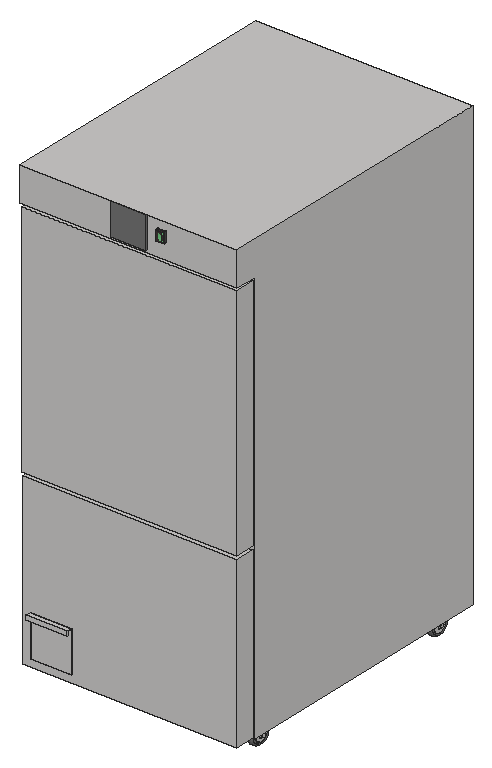
Revit family "RVT_MACOM_UCC-4 08 23 B", category Specialty Equipment, Revit 2020
Family settings
  Round Connector Dimension = Use Diameter
  Part Type = Normal
  Work Plane-Based = No
  Always vertical = Yes
  Cut with Voids When Loaded = No
  Shared = No
  Room Calculation Point = No
Parameters (values of type "UCC-4")
  Work Temperature = "From 0°C to -30°C"
  Weight = 300.00 kg
  Watts [instance] = 2860 W
  Volume = 1.46 m³
  Volts [instance] = 220 V
  URL = "https://www.acosmacom.com.br/"
  Model = "UCC-4"
  Manufacturer = "MACOM"
  Default Elevation = 0 mm
  Description = "ULTRACONGELADOR PARA CANECAS MACOM COM 1 PORTA INOX, 4 GAVETAS MLL (500X500X100), RODIZIOS Ø3 - 220V MONOF-790X1010X1715"
  Type Comments = ""
  Solid Fuel Type [instance] = ""
  Show Logo [instance] = yes
  Show Clearances [instance] = yes
  Refrigeration Suction Line Size [instance] = 0 mm
  Refrigeration Liquid Line Size [instance] = 0 mm
  Refrigeration Evaporation Temperature [instance] = 0 °C
  Refrigeration Energy Efficiency Index [instance] = ""
  Refrigeration Defrost Drain [instance] = yes
  Refrigeration Climate Class [instance] = "5"
  Refrigerant Type [instance] = "R404a"
  Refrigerant Mass [instance] = 0
  Refrigerant Flow [instance] = 0.0 L/s
  Refrigerant Compressor Remote [instance] = yes
  Potential Equalisation [instance] = yes
  Phase [instance] = 2
  Operational Current [instance] = 12.9 A
  Masterspec [instance] = ""
  Length Actual = 790 mm
  Ingress Protection Code [instance] = "IP 22"
  Identify Quantity as Lot [instance] = yes
  Height Actual = 1730 mm
  Gas Connection Height [instance] = 0 mm
  Fuel Type [instance] = ""
  Foodservice Equipment Identifier [instance] = yes
  Elec Conn Connection Height [instance] = 181 mm
  Depth Actual = 1070 mm
  Cycle [instance] = 60 Hz
  Conn Plug [instance] = ""
  Capacity = 275.0 L
  CSI MasterFormat [instance] = ""
  CE Approved [instance] = yes
  BTUH [instance] = 0 W
  Accessory [instance] = yes
Reference planes
  plane 1 "Centro (Frontal/Traseira)": y = 0
  plane 2: z = 0
  plane 3 "Centro (Esquerda/Direita)": x = 0
  plane 4: y = -1070
  plane 5: z = 1730
  plane 6: z = 100
  plane 7: x = 790
Forms (mm)
  Extrusion 1, solid, material "QF_Metal_Stainless Steel"
    sketch origin (0, 0, 0) x (0, 1, 0) y (0, 0, 1)
      loop
        line (0, 100) -> (0, 1730) -> (-1070, 1730) -> (-1070, 1604) -> (-991, 1604) -> (-991, 100) -> (0, 100)
    from 0 to 790
  Extrusion 2, solid, material "QF_Metal_Stainless Steel"
    sketch origin (0, -991, 1604) x (0, 0, -1) y (1, 0, 0)
      loop
        line (889.9, 5) -> (1504, 5) -> (1504, 785) -> (889.9, 785) -> (889.9, 5)
    from 0 to 75.15
  Extrusion 3, solid, material "QF_Metal_Stainless Steel"
    sketch origin (0, -991, 1604) x (0, 0, -1) y (1, 0, 0)
      loop
        line (11.05, 5) -> (876.1, 5) -> (876.1, 785) -> (11.05, 785) -> (11.05, 5)
    from 0 to 76.4
  Extrusion 4, solid, material "QF_Plastic-Dark Gray"
    sketch origin (0, -1070, 1730) x (0, 0, -1) y (1, 0, 0)
      loop
        line (3.25, 330) -> (118.375, 330) -> (118.375, 460) -> (3.25, 460) -> (3.25, 330)
    from 0 to 2
  Extrusion 5, solid, material "QF_Metal_Stainless Steel"
    sketch origin (0, 0, 100) x (0, 0, 1) y (1, 0, 0)
      loop
        circle (81, 25) r 9.525
    from 0 to 6.35
  Extrusion 6, void
    sketch origin (0, -1066.15, 1604) x (0, 0, 1) y (1, 0, 0)
      loop
        line (-1474, 35) -> (-1324, 35) -> (-1324, 185) -> (-1474, 185) -> (-1474, 35)
    from 0 to 5
  Extrusion 7, solid, material "QF_Metal_Stainless Steel"
    sketch origin (0, -1061.15, 1604) x (0, 0, -1) y (1, 0, 0)
      loop
        line (1324, 35) -> (1474, 35) -> (1474, 185) -> (1324, 185) -> (1324, 35)
    from 0 to 6
  Extrusion 8, solid, material "QF_Metal_Stainless Steel"
    sketch origin (185, -1061.15, 280) x (0, 0, -1) y (0, 1, 0)
      loop
        line (0, -6) -> (0, -26) -> (15, -26) -> (15, -24.5) -> (1.5, -24.5) -> (1.5, -6) -> (0, -6)
    from 0 to -150
  Extrusion 9, solid, material "QF_Finishes_Clearance_Door_Drawer", detail levels coarse
    sketch origin (0, -1067.15, 1604) x (0, 0, -1) y (1, 0, 0)
      loop
        line (1474, 185) -> (1324, 185) -> (1324, 35) -> (1474, 35) -> (1474, 185)
    from 0 to 460.6
  Extrusion 10, solid, material "QF_Finishes_Clearance_Wall", detail levels coarse
    sketch origin (0, 0, 1730) x (0, -1, 0) y (1, 0, 0)
      loop
        line (0, 790) -> (-100, 790) -> (-100, 0) -> (0, 0) -> (0, 790)
    from 0 to -1730
  Extrusion 11, solid, material "QF_Finishes_Clearance_Door_Drawer", detail levels coarse
    sketch origin (5, -991, 1592.95) x (1, 0, 0) y (0, 1, 0)
      loop
        line (780, -76.4) -> (0, -76.4) -> (0, -856.4)
        arc (0, -856.4) -> (551.543, -627.943) -> (780, -76.4) r 780
    from 0 to -865.05
Cuts and joins
  Extrusion 6 cuts Extrusion 2
Lines and regions (mm)
  model lines
    curve 1: line (790, -991, 1604) -> (790, 0, 1604)
    curve 2: line (790, -991, 681) -> (790, 0, 681)
    curve 3: line (790, 0, 681) -> (0, 0, 681)
    curve 4: line (790, 0, 1619) -> (0, 0, 1619)
    curve 5: line (0, 0, 1604) -> (0, -980, 1604)
    curve 6: line (0, 0, 681) -> (0, -991, 681)
    curve 7: line (210, -1066.15, 170) -> (210, -1066.15, 130)
    curve 8: line (755, -1066.15, 170) -> (210, -1066.15, 170)
    curve 9: line (755, -1066.15, 130) -> (755, -1066.15, 170)
    curve 10: line (210, -1066.15, 130) -> (755, -1066.15, 130)
    curve 11: line (210, -1066.15, 224) -> (210, -1066.15, 184)
    curve 12: line (755, -1066.15, 224) -> (210, -1066.15, 224)
    curve 13: line (755, -1066.15, 184) -> (755, -1066.15, 224)
    curve 14: line (210, -1066.15, 184) -> (755, -1066.15, 184)
    curve 15: line (210, -1066.15, 278) -> (210, -1066.15, 238)
    curve 16: line (755, -1066.15, 278) -> (210, -1066.15, 278)
    curve 17: line (755, -1066.15, 238) -> (755, -1066.15, 278)
    curve 18: line (210, -1066.15, 238) -> (755, -1066.15, 238)
    curve 19: line (35, -1066.15, 332) -> (35, -1066.15, 292)
    curve 20: line (755, -1066.15, 332) -> (35, -1066.15, 332)
    curve 21: line (755, -1066.15, 292) -> (755, -1066.15, 332)
    curve 22: line (35, -1066.15, 292) -> (755, -1066.15, 292)
    curve 23: line (35, -1066.15, 386) -> (35, -1066.15, 346)
    curve 24: line (755, -1066.15, 386) -> (35, -1066.15, 386)
    curve 25: line (755, -1066.15, 346) -> (755, -1066.15, 386)
    curve 26: line (35, -1066.15, 346) -> (755, -1066.15, 346)
    curve 27: line (35, -1066.15, 440) -> (35, -1066.15, 400)
    curve 28: line (755, -1066.15, 440) -> (35, -1066.15, 440)
    curve 29: line (755, -1066.15, 400) -> (755, -1066.15, 440)
    curve 30: line (35, -1066.15, 400) -> (755, -1066.15, 400)
    curve 31: line (35, -1066.15, 494) -> (35, -1066.15, 454)
    curve 32: line (755, -1066.15, 494) -> (35, -1066.15, 494)
    curve 33: line (755, -1066.15, 454) -> (755, -1066.15, 494)
    curve 34: line (35, -1066.15, 454) -> (755, -1066.15, 454)
    curve 35: line (35, -1066.15, 548) -> (35, -1066.15, 508)
    curve 36: line (755, -1066.15, 548) -> (35, -1066.15, 548)
    curve 37: line (755, -1066.15, 508) -> (755, -1066.15, 548)
    curve 38: line (35, -1066.15, 508) -> (755, -1066.15, 508)
    curve 39: line (35, -1066.15, 602) -> (35, -1066.15, 562)
    curve 40: line (755, -1066.15, 602) -> (35, -1066.15, 602)
    curve 41: line (755, -1066.15, 562) -> (755, -1066.15, 602)
    curve 42: line (35, -1066.15, 562) -> (755, -1066.15, 562)
    curve 43: line (35, -1066.15, 656) -> (35, -1066.15, 616)
    curve 44: line (755, -1066.15, 656) -> (35, -1066.15, 656)
    curve 45: line (755, -1066.15, 616) -> (755, -1066.15, 656)
    curve 46: line (35, -1066.15, 616) -> (755, -1066.15, 616)
  symbolic lines
    curve 47: line (0, 0, 0) -> (790, 0, 0)
    curve 48: line (0, -1070, 0) -> (0, 0, 0)
    curve 49: line (790, -1070, 0) -> (0, -1070, 0)
    curve 50: line (790, 0, 0) -> (790, -1070, 0)
    curve 51: line (15.475, 6.35, 0) -> (15.475, 0, 0)
    curve 52: line (15.475, 6.35, 0) -> (34.525, 6.35, 0)
    curve 53: line (34.525, 6.35, 0) -> (34.525, 0, 0)
Dimensions and locks
  "Depth Actual": plane 1 "Centro (Frontal/Traseira)" to plane 4
  "Length Actual": plane 7 to plane 3 "Centro (Esquerda/Direita)"
  "Height Actual": plane 5 to level
  level to plane 6 = 100 mm
  locked: Extrusion 2 sketch curve to Extrusion 1 at 5  (x2)
  Extrusion 2 sketch curve to Extrusion 2 sketch curve = 614.1 mm
  locked: nested 1 to plane 3 "Centro (Esquerda/Direita)" at 87.5
  locked: plane 7 to nested 3 at 87.5
  locked: nested 3 to Extrusion 1 at 58.75
  locked: nested 4 to Extrusion 1 at 871.25
  locked: Extrusion 3 sketch curve to Extrusion 2 at 13.8
  locked: Extrusion 3 sketch curve to Extrusion 1 at 5  (x2)
  locked: Extrusion 1 to Extrusion 3 sketch curve at 11.05
  Extrusion 1 to Extrusion 4 sketch curve = 330 mm  (x2)
  Extrusion 1 to Extrusion 4 sketch curve = 3.25 mm
  locked: Extrusion 1 to nested 5 at 275
  locked: nested 5 to Extrusion 1 at 30.987
  Extrusion 1 to Extrusion 5 sketch curve = 25 mm
  "Elec Conn Connection Height": level to Extrusion 5 sketch curve
  aligned and locked: level to plane 2
  aligned and locked: plane 5 to Extrusion 1 sketch curve
  aligned and locked: plane 4 to Extrusion 1 sketch curve
  aligned and locked: Extrusion 1 sketch curve to plane 1 "Centro (Frontal/Traseira)"
  aligned and locked: Extrusion 1 sketch curve to plane 6
  aligned and locked: plane 7 to Extrusion 1
  aligned and locked: Extrusion 1 to plane 3 "Centro (Esquerda/Direita)"
  aligned and locked: plane 6 to Extrusion 2 sketch curve
  aligned and locked: nested 2 to nested 1
  aligned and locked: nested 4 to nested 3
  aligned and locked: plane 6 to nested 4
  aligned and locked: plane 6 to nested 3
  aligned and locked: plane 6 to nested 2
  aligned and locked: plane 6 to nested 1
  aligned and locked: nested 3 to nested 1
  aligned and locked: nested 2 to nested 4
  aligned and locked: nested 5 to Extrusion 1
  aligned and locked: Extrusion 7 sketch curve to cut or joined group of Extrusion 2, Extrusion 6  (x4)
  aligned and locked: curve 19 to Extrusion 8
  aligned and locked: cut or joined group of Extrusion 2, Extrusion 6 to Extrusion 8
  aligned and locked: Extrusion 9 sketch curve to cut or joined group of Extrusion 2, Extrusion 6  (x4)
  aligned and locked: Extrusion 10 sketch curve to curve 3
  aligned and locked: Extrusion 10 sketch curve to Extrusion 1
  aligned and locked: plane 3 "Centro (Esquerda/Direita)" to Extrusion 10 sketch curve
  aligned and locked: Extrusion 10 to level
  aligned and locked: Extrusion 3 to Extrusion 11
  aligned and locked: Extrusion 11 to Extrusion 3
  aligned and locked: curve 47 to curve 3
  aligned and locked: curve 48 to Extrusion 1
  aligned and locked: curve 49 to Extrusion 1
  aligned and locked: curve 50 to Extrusion 1
Automatic sketch dimensions
  Extrusion 1 sketch curve to plane 4 = 79 mm
  Extrusion 1 sketch curve to plane 5 = 126 mm
  Extrusion 1 to curve 1 = 0 mm
  curve 1 to Extrusion 1 = 0 mm  (x2)
  curve 2 to Extrusion 1 = 0 mm  (x2)
  curve 2 to Extrusion 1 = 581 mm
  curve 3 to Extrusion 1 = 0 mm
  Extrusion 1 to curve 3 = 0 mm
  curve 4 to Extrusion 1 = 0 mm
  Extrusion 1 to curve 4 = 0 mm
  Extrusion 1 to curve 3 = 581 mm
  Extrusion 1 to curve 4 = 111 mm
  curve 6 to Extrusion 1 = 0 mm  (x2)
  Extrusion 1 to curve 5 = 0 mm
  curve 5 to Extrusion 1 = 0 mm
  Extrusion 1 to curve 5 = 11 mm
  Extrusion 1 to curve 6 = 581 mm
  Extrusion 4 sketch curve to Extrusion 1 = 7.625 mm
  Extrusion 2 to Extrusion 6 sketch curve = 30 mm  (x2)
  Extrusion 6 sketch curve to Extrusion 6 sketch curve = 150 mm  (x2)
  curve 44 to Extrusion 2 = 58.1 mm
  curve 44 to curve 45 = 40 mm
  curve 43 to curve 39 = 14 mm
  curve 39 to curve 42 = 40 mm
  curve 41 to curve 36 = 14 mm
  curve 36 to curve 38 = 40 mm
  curve 37 to curve 32 = 14 mm
  curve 32 to curve 33 = 40 mm
  curve 33 to curve 29 = 14 mm
  curve 27 to curve 30 = 40 mm
  curve 29 to curve 24 = 14 mm
  curve 23 to curve 23 = 40 mm
  curve 25 to curve 20 = 14 mm
  curve 20 to curve 21 = 40 mm
  curve 19 to curve 15 = 14 mm
  curve 15 to curve 18 = 40 mm
  curve 17 to curve 12 = 14 mm
  curve 12 to curve 14 = 40 mm
  curve 13 to curve 8 = 14 mm
  curve 9 to Extrusion 2 = 30 mm
  curve 27 to Extrusion 2 = 30 mm
  curve 46 to Extrusion 2 = 30 mm
  curve 27 to curve 24 = 0 mm
  curve 42 to Extrusion 2 = 30 mm
  curve 31 to Extrusion 2 = 30 mm
  curve 38 to curve 31 = 0 mm
  curve 19 to curve 18 = 175 mm
  curve 15 to curve 14 = 0 mm
  curve 11 to curve 10 = 0 mm
  curve 26 to Extrusion 2 = 30 mm
  curve 28 to Extrusion 2 = 30 mm
  curve 22 to Extrusion 2 = 30 mm
  curve 32 to Extrusion 2 = 30 mm
  curve 18 to Extrusion 2 = 30 mm
  curve 36 to Extrusion 2 = 30 mm
  curve 14 to Extrusion 2 = 30 mm
  curve 40 to Extrusion 2 = 30 mm
  curve 10 to Extrusion 2 = 30 mm
  curve 44 to Extrusion 2 = 30 mm
  Extrusion 8 sketch curve to Extrusion 7 = 0 mm  (x2)
  Extrusion 7 to Extrusion 8 sketch curve = 1.5 mm
  Extrusion 8 sketch curve to Extrusion 8 sketch curve = 13.5 mm
  Extrusion 8 sketch curve to Extrusion 8 sketch curve = 18.5 mm
  Extrusion 8 sketch curve to Extrusion 8 sketch curve = 1.5 mm
  Extrusion 10 sketch curve to Extrusion 10 sketch curve = 100 mm
  Extrusion 11 sketch curve to Extrusion 3 = 0 mm  (x3)
  curve 51 to plane 1 "Centro (Frontal/Traseira)" = 6.35 mm
  plane 3 "Centro (Esquerda/Direita)" to curve 51 = 15.475 mm
  curve 51 to curve 53 = 19.05 mm
  radius of Extrusion 5 sketch curve = 9.525 mm
Nested families
  nested 1: "RODIZIO_SEM_FREIO" at (88.5, -58.75, 37.145) x (-1, 0, 0) z (0, 0, 1), type "RODIZIO_SEM_FREIO"
  nested 2: "RODIZIO_SEM_FREIO" at (86.5, -871.25, 37.145), type "RODIZIO_SEM_FREIO"
  nested 3: "RODIZIO_SEM_FREIO" at (703.5, -58.75, 37.145) x (-1, 0, 0) z (0, 0, 1), type "RODIZIO_SEM_FREIO"
  nested 4: "RODIZIO_SEM_FREIO" at (701.5, -871.25, 37.145), type "RODIZIO_SEM_FREIO"
  nested 5: "startbutton" at (515, -1074, 1659.013), type "startbutton"
Connectors
  electrical at (25, 6.35, 181), driven by "Volts"
    settings: on Extrusion 5, index 1, voltage 220 V, apparent load 0 VA, apparent load phase1 0 VA, apparent load phase2 0 VA, apparent load phase3 0 VA, power factor 1, load classification "Outro", number of poles 1, system type 30, power factor state 1, is connector primary yes, connector utility no, sub classification motor no, connector description ""
Definition of nested family "RODIZIO_SEM_FREIO"
  Parameters
    Default Elevation = 0 mm
  Reference planes
    plane 1 "Center (Front/Back)": y = 0
    plane 2: z = 0
    plane 3: x = 19.5
    plane 4: x = 1
    plane 5: x = 21
    plane 6: z = -37.145
    plane 7: z = 62.855
    plane 8: z = 59.855
  Forms (mm)
    Revolve 1, solid
      sketch origin (0, 0, 0) x (1, 0, 0) y (0, 0, 1)
        loop
          line (16.5, 0) -> (16.5, 33)
          arc (16.5, 33) -> (1, 37.145) -> (-14.5, 33) r 31.054
          line (-14.5, 33) -> (-14.5, 0) -> (16.5, 0)
        axis (-14.5, 0) -> (16.5, 0)
      angle from 0 to 360
    Extrusion 2, void
      sketch origin (0, 0, 0) x (0, 1, 0) y (0, 0, 1)
        loop
          circle (0, 0) r 24
        loop
          circle (0, 0) r 28
      from 15.656 to 16.5
    Extrusion 3, void
      sketch origin (2, 0, 0) x (0, 1, 0) y (0, 0, -1)
        loop
          circle (0, 0) r 24
        loop
          circle (0, 0) r 28
      from 15.622 to 16.5
    Extrusion 4, solid
      sketch origin (0, 0, 0) x (0, 1, 0) y (0, 0, 1)
        loop
          circle (0, 0) r 10
      from 16.5 to 19.5
    Extrusion 5, solid
      sketch origin (2, 0, 0) x (0, 1, 0) y (0, 0, -1)
        loop
          circle (0, 0) r 10
      from 16.5 to 19.5
    Extrusion 6, solid
      sketch origin (0, 0, 1.455) x (0, 1, 0) y (0, 0, 1)
        loop
          line (10, -8.227) -> (10, 46.773) -> (-10, 46.773) -> (-10, -8.227) -> (10, -8.227)
      from 19.5 to 21
    Extrusion 7, solid
      sketch origin (2, 0, 1.455) x (0, 1, 0) y (0, 0, -1)
        loop
          line (10, 8.227) -> (-10, 8.227) -> (-10, -46.773) -> (10, -46.773) -> (10, 8.227)
      from 19.5 to 21
    Extrusion 8, solid
      sketch origin (0, 0, 0) x (1, 0, 0) y (0, 0, 1)
        loop
          line (-17.5, 48.227) -> (-17.5, 46.727) -> (19.5, 46.727) -> (19.5, 48.227) -> (-17.5, 48.227)
      from -10 to 10
    Extrusion 9, solid
      sketch origin (0, 0, 0) x (1, 0, 0) y (0, 1, 0)
        loop
          circle (1, 28) r 52
      from 59.855 to 62.855
    Extrusion 10, solid
      sketch origin (0.148, 0, 0) x (0, 1, 0) y (0, 0, 1)
        loop
          line (-3, -5.196) -> (3, -5.196) -> (6, 0) -> (3, 5.196) -> (-3, 5.196) -> (-6, 0) -> (-3, -5.196)
      from 20.852 to 25.852
    Extrusion 11, solid
      sketch origin (1.852, 0, 0) x (0, 1, 0) y (0, 0, -1)
        loop
          line (-3, 5.196) -> (-6, 0) -> (-3, -5.196) -> (3, -5.196) -> (6, 0) -> (3, 5.196) -> (-3, 5.196)
      from 20.852 to 25.852
    Extrusion 12, solid
      sketch origin (0, 0, 0) x (1, 0, 0) y (0, 1, 0)
        loop
          circle (1, 0) r 20
      from 48.227 to 59.855
    Extrusion 13, solid
      sketch origin (0, 0, 0) x (0, 1, 0) y (0, 0, 1)
        loop
          circle (0, 0) r 24
      from 16.5 to 17.626
    Extrusion 14, solid
      sketch origin (2, 0, 0) x (0, 1, 0) y (0, 0, -1)
        loop
          circle (0, 0) r 24
      from 16.5 to 17.626
  Cuts and joins
    Extrusion 2, Extrusion 3 cuts Revolve 1
    joined: Extrusion 4, Extrusion 5, Extrusion 6, Extrusion 7, Extrusion 8, Extrusion 9, Extrusion 10, Extrusion 11, Extrusion 12, Extrusion 13, Extrusion 14
  Dimensions and locks
    aligned and locked: level to plane 2
Definition of nested family "startbutton"
  Parameters (values of type "startbutton")
    Default Elevation = 0 mm
  Reference planes
    plane 1 "Center (Front/Back)": y = 0
    plane 2: z = 0
    plane 3 "Center (Left/Right)": x = 0
    plane 4: y = 2
  Forms (mm)
    Extrusion 1, solid
      sketch origin (0, 0, 0) x (1, 0, 0) y (0, 0, 1)
        loop
          arc (-15, 2) -> (-14.414, 0.586) -> (-13, 0) r 2
          line (-13, 0) -> (13, 0)
          arc (13, 0) -> (14.414, 0.586) -> (15, 2) r 2
          line (15, 2) -> (15, 38)
          arc (15, 38) -> (14.414, 39.414) -> (13, 40) r 2
          line (13, 40) -> (-13, 40)
          arc (-13, 40) -> (-14.414, 39.414) -> (-15, 38) r 2
          line (-15, 38) -> (-15, 2)
      from 0 to -4
    Extrusion 2, solid
      sketch origin (0, 4, 0) x (0, -1, 0) y (0, 0, -1)
        loop
          line (4, -36.709) -> (10.266, -34.101)
          arc (10.266, -34.101) -> (10.796, -33.556) -> (10.767, -32.795) r 0.965
          arc (10.767, -32.795) -> (5.713, -18.17) -> (4, -2.792) r 69.897
          line (4, -2.792) -> (4, -36.709)
      from -8.605 to 9.437
    Extrusion 3, solid
      sketch origin (0, 0, 0) x (1, 0, 0) y (0, 0, 1)
        loop
          line (-11.145, 38.381) -> (-11.145, 1.217) -> (11.445, 1.217) -> (11.445, 38.381) -> (-11.145, 38.381)
      from 0 to 7.988
  Dimensions and locks
    aligned and locked: level to plane 2
